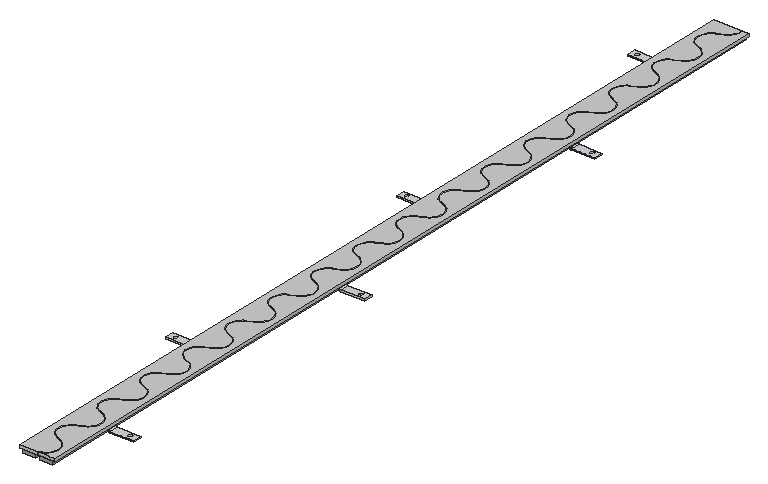
Revit family "Herkules ER20_Fugenprofile mit Sinuswelle Sanierungsfugenprofil", category Generic Models, Revit 2019
Family settings
  Can host rebar = No
  Round Connector Dimension = Use Diameter
  Part Type = Normal
  Work Plane-Based = Yes
  Always vertical = No
  Cut with Voids When Loaded = No
  Shared = No
  Room Calculation Point = No
Parameters (values of type "ER20_L2000")
  Type Image = Herkules ER20_Foto.jpg (2)
  Telefon = "+49 (0)8 21 / 455 969 0"
  Länge = 2000 mm
  Lieferzeit = "2 weeks"
  Höhe = 14 mm  # constant formula
  Default Elevation = 0 mm
  Description = "Joint profiles reconstruction and transition"
  Type Comments = "HerkulesER20_L2000"
  Keynote = "Herkules ER20"
  Manufacturer = "Guggemos GmbH"
  Model = "Heavy duty profile for reconstruction of industrial concrete floor slabs"
  Video = "https://www.youtube.com/watch?v=ErKFE-dGfs8&feature=emb_logo"
  URL = "https://www.fugenprofile.de/en/joint-profiles-for-reconstruction-and-transition/joint-profile-herkules-er20/"
  E-mail = "service@fugenprofile.de"
  Basismaterial Herkules = Stahl S355 JR
  Adresse = "Iglauer Str. 6 86316 Friedberg"
Types (4, lengths in mm): name | Länge | Type Comments
  (no name) | 2000 | "HerkulesER20_L2000"
  ER20_L2500 | 2500 | "HerkulesER20_L2500"
  ER20_L2000 | 2000 | "HerkulesER20_L2000"
  ER20_L1500 | 1500 | "HerkulesER20_L2000"
Reference planes
  plane 1 "Center (Front/Back)": y = -500
  plane 2: z = 0.5
  plane 3 "Center (Left/Right)": x = 0
  plane 4: y = 1500
  plane 5: y = 0
  plane 6: y = 1000
Dimensions and locks
  "Länge": plane 1 "Center (Front/Back)" to plane 4
  locked: plane 1 "Center (Front/Back)" to plane 5 at 500
  locked: plane 6 to plane 4 at 500
  locked: plane 2 to level at 0.5
  nested 1 to plane 3 "Center (Left/Right)" to nested 1 = 40.24 mm, 39.76 mm
  nested 1 to nested 1 = 80 mm
  plane 2 to nested 1 = 14 mm
Nested families
  nested 1: "Detail 2" at (3.56, -500, -176.717), type "Profilkopf"
    with Visibility_Anchors yes, Number of waves 17, Number of anchors_row 2 3, Number of anchors_row 1 3, Length 2000 mm, Dimension_Row2 1667 mm, Dimension_Row1 1333.5 mm
Definition of nested family "Detail 2"
  Parameters (values of type "Profilkopf")
    Visibility_Anchors [instance] = not(Length < 1190 mm)  # no
    Number of waves = Length / 123 mm + 1  # 10
    Number of anchors_row 2 = if((Dimension_Row2 + 333 mm) / 665 mm > 2, (Dimension_Row2 + 333 mm) / 665 mm, 2)  # 2
    Number of anchors_row 1 = if((Dimension_Row1 + 333 mm) / 665 mm > 2, (Dimension_Row1 + 333 mm) / 665 mm, 2)  # 2
    Length = 1100 mm
    Dimension_Row2 = Length - 333 mm  # 767 mm
    Dimension_Row1 = Length - 500 mm - 166.5 mm  # 433.5 mm
    Basismateriall Profilkopf = none
  Reference planes
    plane 1 "Center (Front/Back)": y = 0
    plane 2: z = 0
    plane 3 "Center (Left/Right)": x = 0
    plane 4: y = 1100
    plane 5 "Row 2": y = 166.5
    plane 6 "Row 1": y = 499.5
    plane 7: y = 832.5
    plane 8: y = 1165.375
  Forms (mm)
    Extrusion 1, solid, material <- "Basismateriall Profilkopf"
      sketch origin (0, 0, 0) x (1, 0, 0) y (0, 0, 1)
        loop
          line (-8.8, 163.217) -> (-8.8, 171.217) -> (-38.8, 171.217) -> (-38.8, 163.217) -> (-8.8, 163.217)
        loop
          line (1.2, 171.217) -> (1.2, 163.217) -> (31.2, 163.217) -> (31.2, 171.217) -> (1.2, 171.217)
      from 0 to -1100
    Extrusion 2, solid
      sketch origin (0, 0, 0) x (1, 0, 0) y (0, 0, 1)
        loop
          line (-43.8, 177.217) -> (-43.8, 171.217) -> (36.2, 171.217) -> (36.2, 177.217) -> (-43.8, 177.217)
      from -1100 to 0
    Extrusion 3, void
      sketch origin (117.929, 486.128, 20) x (0, 1, 0) y (-1, 0, 0)
        loop
          line (-487.01, 121.929) -> (-483.291, 113.908)
          arc (-483.291, 113.908) -> (-456.119, 96.529) -> (-428.896, 113.829) r 30
          line (-428.896, 113.829) -> (-421.791, 129.15)
          arc (-421.791, 129.15) -> (-394.563, 146.529) -> (-367.349, 129.129) r 30
          line (-367.349, 129.129) -> (-364.017, 121.929) -> (-363.135, 121.929) -> (-366.623, 129.465)
          arc (-366.623, 129.465) -> (-394.563, 147.329) -> (-422.517, 129.486) r 30.8
          line (-422.517, 129.486) -> (-429.621, 114.166)
          arc (-429.621, 114.166) -> (-456.118, 97.329) -> (-482.565, 114.245) r 29.2
          line (-482.565, 114.245) -> (-486.128, 121.929) -> (-487.01, 121.929)
      from 151.217 to 157.217
    Extrusion 4, void
      sketch origin (117.929, 609.122, 20) x (0, 1, 0) y (-1, 0, 0)
        loop
          line (-487.01, 121.929) -> (-483.291, 113.908)
          arc (-483.291, 113.908) -> (-456.119, 96.529) -> (-428.896, 113.829) r 30
          line (-428.896, 113.829) -> (-421.791, 129.15)
          arc (-421.791, 129.15) -> (-394.563, 146.529) -> (-367.349, 129.129) r 30
          line (-367.349, 129.129) -> (-364.017, 121.929) -> (-363.135, 121.929) -> (-366.623, 129.465)
          arc (-366.623, 129.465) -> (-394.563, 147.329) -> (-422.517, 129.486) r 30.8
          line (-422.517, 129.486) -> (-429.621, 114.166)
          arc (-429.621, 114.166) -> (-456.118, 97.329) -> (-482.565, 114.245) r 29.2
          line (-482.565, 114.245) -> (-486.128, 121.929) -> (-487.01, 121.929)
      from 151.217 to 157.217
    Extrusion 5, void
      sketch origin (117.929, 732.115, 20) x (0, 1, 0) y (-1, 0, 0)
        loop
          line (-487.01, 121.929) -> (-483.291, 113.908)
          arc (-483.291, 113.908) -> (-456.119, 96.529) -> (-428.896, 113.829) r 30
          line (-428.896, 113.829) -> (-421.791, 129.15)
          arc (-421.791, 129.15) -> (-394.563, 146.529) -> (-367.349, 129.129) r 30
          line (-367.349, 129.129) -> (-364.017, 121.929) -> (-363.135, 121.929) -> (-366.623, 129.465)
          arc (-366.623, 129.465) -> (-394.563, 147.329) -> (-422.517, 129.486) r 30.8
          line (-422.517, 129.486) -> (-429.621, 114.166)
          arc (-429.621, 114.166) -> (-456.118, 97.329) -> (-482.565, 114.245) r 29.2
          line (-482.565, 114.245) -> (-486.128, 121.929) -> (-487.01, 121.929)
      from 151.217 to 157.217
    Extrusion 6, void
      sketch origin (117.929, 855.109, 20) x (0, 1, 0) y (-1, 0, 0)
        loop
          line (-487.01, 121.929) -> (-483.291, 113.908)
          arc (-483.291, 113.908) -> (-456.119, 96.529) -> (-428.896, 113.829) r 30
          line (-428.896, 113.829) -> (-421.791, 129.15)
          arc (-421.791, 129.15) -> (-394.563, 146.529) -> (-367.349, 129.129) r 30
          line (-367.349, 129.129) -> (-364.017, 121.929) -> (-363.135, 121.929) -> (-366.623, 129.465)
          arc (-366.623, 129.465) -> (-394.563, 147.329) -> (-422.517, 129.486) r 30.8
          line (-422.517, 129.486) -> (-429.621, 114.166)
          arc (-429.621, 114.166) -> (-456.118, 97.329) -> (-482.565, 114.245) r 29.2
          line (-482.565, 114.245) -> (-486.128, 121.929) -> (-487.01, 121.929)
      from 151.217 to 157.217
    Extrusion 7, void
      sketch origin (117.929, 978.102, 20) x (0, 1, 0) y (-1, 0, 0)
        loop
          line (-487.01, 121.929) -> (-483.291, 113.908)
          arc (-483.291, 113.908) -> (-456.119, 96.529) -> (-428.896, 113.829) r 30
          line (-428.896, 113.829) -> (-421.791, 129.15)
          arc (-421.791, 129.15) -> (-394.563, 146.529) -> (-367.349, 129.129) r 30
          line (-367.349, 129.129) -> (-364.017, 121.929) -> (-363.135, 121.929) -> (-366.623, 129.465)
          arc (-366.623, 129.465) -> (-394.563, 147.329) -> (-422.517, 129.486) r 30.8
          line (-422.517, 129.486) -> (-429.621, 114.166)
          arc (-429.621, 114.166) -> (-456.118, 97.329) -> (-482.565, 114.245) r 29.2
          line (-482.565, 114.245) -> (-486.128, 121.929) -> (-487.01, 121.929)
      from 151.217 to 157.217
    Extrusion 8, void
      sketch origin (117.929, 1101.095, 20) x (0, 1, 0) y (-1, 0, 0)
        loop
          line (-487.01, 121.929) -> (-483.291, 113.908)
          arc (-483.291, 113.908) -> (-456.119, 96.529) -> (-428.896, 113.829) r 30
          line (-428.896, 113.829) -> (-421.791, 129.15)
          arc (-421.791, 129.15) -> (-394.563, 146.529) -> (-367.349, 129.129) r 30
          line (-367.349, 129.129) -> (-364.017, 121.929) -> (-363.135, 121.929) -> (-366.623, 129.465)
          arc (-366.623, 129.465) -> (-394.563, 147.329) -> (-422.517, 129.486) r 30.8
          line (-422.517, 129.486) -> (-429.621, 114.166)
          arc (-429.621, 114.166) -> (-456.118, 97.329) -> (-482.565, 114.245) r 29.2
          line (-482.565, 114.245) -> (-486.128, 121.929) -> (-487.01, 121.929)
      from 151.217 to 157.217
    Extrusion 9, void
      sketch origin (117.929, 1224.089, 20) x (0, 1, 0) y (-1, 0, 0)
        loop
          line (-487.01, 121.929) -> (-483.291, 113.908)
          arc (-483.291, 113.908) -> (-456.119, 96.529) -> (-428.896, 113.829) r 30
          line (-428.896, 113.829) -> (-421.791, 129.15)
          arc (-421.791, 129.15) -> (-394.563, 146.529) -> (-367.349, 129.129) r 30
          line (-367.349, 129.129) -> (-364.017, 121.929) -> (-363.135, 121.929) -> (-366.623, 129.465)
          arc (-366.623, 129.465) -> (-394.563, 147.329) -> (-422.517, 129.486) r 30.8
          line (-422.517, 129.486) -> (-429.621, 114.166)
          arc (-429.621, 114.166) -> (-456.118, 97.329) -> (-482.565, 114.245) r 29.2
          line (-482.565, 114.245) -> (-486.128, 121.929) -> (-487.01, 121.929)
      from 151.217 to 157.217
    Extrusion 10, void
      sketch origin (117.929, 1347.082, 20) x (0, 1, 0) y (-1, 0, 0)
        loop
          line (-487.01, 121.929) -> (-483.291, 113.908)
          arc (-483.291, 113.908) -> (-456.119, 96.529) -> (-428.896, 113.829) r 30
          line (-428.896, 113.829) -> (-421.791, 129.15)
          arc (-421.791, 129.15) -> (-394.563, 146.529) -> (-367.349, 129.129) r 30
          line (-367.349, 129.129) -> (-364.017, 121.929) -> (-363.135, 121.929) -> (-366.623, 129.465)
          arc (-366.623, 129.465) -> (-394.563, 147.329) -> (-422.517, 129.486) r 30.8
          line (-422.517, 129.486) -> (-429.621, 114.166)
          arc (-429.621, 114.166) -> (-456.118, 97.329) -> (-482.565, 114.245) r 29.2
          line (-482.565, 114.245) -> (-486.128, 121.929) -> (-487.01, 121.929)
      from 151.217 to 157.217
    Extrusion 11, void
      sketch origin (117.929, 1470.076, 20) x (0, 1, 0) y (-1, 0, 0)
        loop
          line (-487.01, 121.929) -> (-483.291, 113.908)
          arc (-483.291, 113.908) -> (-456.119, 96.529) -> (-428.896, 113.829) r 30
          line (-428.896, 113.829) -> (-421.791, 129.15)
          arc (-421.791, 129.15) -> (-394.563, 146.529) -> (-367.349, 129.129) r 30
          line (-367.349, 129.129) -> (-364.017, 121.929) -> (-363.135, 121.929) -> (-366.623, 129.465)
          arc (-366.623, 129.465) -> (-394.563, 147.329) -> (-422.517, 129.486) r 30.8
          line (-422.517, 129.486) -> (-429.621, 114.166)
          arc (-429.621, 114.166) -> (-456.118, 97.329) -> (-482.565, 114.245) r 29.2
          line (-482.565, 114.245) -> (-486.128, 121.929) -> (-487.01, 121.929)
      from 151.217 to 157.217
    Extrusion 12, void
      sketch origin (117.929, 1593.069, 20) x (0, 1, 0) y (-1, 0, 0)
        loop
          line (-487.01, 121.929) -> (-483.291, 113.908)
          arc (-483.291, 113.908) -> (-456.119, 96.529) -> (-428.896, 113.829) r 30
          line (-428.896, 113.829) -> (-421.791, 129.15)
          arc (-421.791, 129.15) -> (-394.563, 146.529) -> (-367.349, 129.129) r 30
          line (-367.349, 129.129) -> (-364.017, 121.929) -> (-363.135, 121.929) -> (-366.623, 129.465)
          arc (-366.623, 129.465) -> (-394.563, 147.329) -> (-422.517, 129.486) r 30.8
          line (-422.517, 129.486) -> (-429.621, 114.166)
          arc (-429.621, 114.166) -> (-456.118, 97.329) -> (-482.565, 114.245) r 29.2
          line (-482.565, 114.245) -> (-486.128, 121.929) -> (-487.01, 121.929)
      from 151.217 to 157.217
    Extrusion 13, solid, visible <- "Visibility_Anchors"
      sketch origin (0, 166.5, 0) x (1, 0, 0) y (0, 0, 1)
        loop
          line (35.2, 171.217) -> (32.2, 171.217) -> (32.2, 168.217)
          arc (32.2, 168.217) -> (33.957, 163.975) -> (38.2, 162.217) r 6
          line (38.2, 162.217) -> (92.2, 162.217) -> (92.2, 165.217) -> (38.2, 165.217)
          arc (38.2, 165.217) -> (36.079, 166.096) -> (35.2, 168.217) r 3
          line (35.2, 168.217) -> (35.2, 171.217)
      from -10 to 10
    Extrusion 14, solid, visible <- "Visibility_Anchors"
      sketch origin (0, 832.5, 0) x (1, 0, 0) y (0, 0, 1)
        loop
          line (35.2, 171.217) -> (32.2, 171.217) -> (32.2, 168.217)
          arc (32.2, 168.217) -> (33.957, 163.975) -> (38.2, 162.217) r 6
          line (38.2, 162.217) -> (92.2, 162.217) -> (92.2, 165.217) -> (38.2, 165.217)
          arc (38.2, 165.217) -> (36.079, 166.096) -> (35.2, 168.217) r 3
          line (35.2, 168.217) -> (35.2, 171.217)
      from -10 to 10
    Extrusion 15, solid, visible <- "Visibility_Anchors"
      sketch origin (0, 499.5, 0) x (1, 0, 0) y (0, 0, 1)
        loop
          line (-39.8, 171.217) -> (-42.8, 171.217) -> (-42.8, 168.217)
          arc (-42.8, 168.217) -> (-43.679, 166.096) -> (-45.8, 165.217) r 3
          line (-45.8, 165.217) -> (-99.8, 165.217) -> (-99.8, 162.217) -> (-45.8, 162.217)
          arc (-45.8, 162.217) -> (-41.557, 163.975) -> (-39.8, 168.217) r 6
          line (-39.8, 168.217) -> (-39.8, 171.217)
      from -10 to 10
    Extrusion 16, solid, visible <- "Visibility_Anchors"
      sketch origin (0, 1165.375, 0) x (1, 0, 0) y (0, 0, 1)
        loop
          line (-39.8, 171.217) -> (-42.8, 171.217) -> (-42.8, 168.217)
          arc (-42.8, 168.217) -> (-43.679, 166.096) -> (-45.8, 165.217) r 3
          line (-45.8, 165.217) -> (-99.8, 165.217) -> (-99.8, 162.217) -> (-45.8, 162.217)
          arc (-45.8, 162.217) -> (-41.557, 163.975) -> (-39.8, 168.217) r 6
          line (-39.8, 168.217) -> (-39.8, 171.217)
      from -10 to 10
    Extrusion 17, void
      sketch origin (38.2, 166.5, 165.217) x (0, 1, 0) y (1, 0, 0)
        loop
          circle (0, 39) r 4
      from 0 to 3
    Extrusion 18, void
      sketch origin (38.2, 832.5, 165.217) x (0, 1, 0) y (1, 0, 0)
        loop
          circle (0, 39) r 4
      from 0 to 3
    Extrusion 19, void
      sketch origin (38.2, 166.5, 165.217) x (0, 1, 0) y (1, 0, 0)
        loop
          circle (333, -123) r 4
      from 0 to 3
    Extrusion 20, void
      sketch origin (38.2, 832.375, 165.217) x (0, 1, 0) y (1, 0, 0)
        loop
          circle (333, -123) r 4
      from 0 to 3
  Cuts and joins
    Extrusion 3, Extrusion 4, Extrusion 5, Extrusion 6, Extrusion 7, Extrusion 8, Extrusion 9, Extrusion 10, Extrusion 11, Extrusion 12 cuts Extrusion 2
    Extrusion 5, Extrusion 8, Extrusion 9, Extrusion 10, Extrusion 11, Extrusion 12 cuts Extrusion 1
    Extrusion 17 cuts Extrusion 13
    Extrusion 18 cuts Extrusion 14
    Extrusion 19 cuts Extrusion 15
    Extrusion 20 cuts Extrusion 16
  Dimensions and locks
    "Length": plane 1 "Center (Front/Back)" to plane 4
    group 1 to group 2 = 0 mm  (x2)
    group 1 to group 2 = 666 mm
    group 3 to group 4 = 0 mm  (x2)
    group 3 to group 4 = 665.875 mm
    locked: plane 1 "Center (Front/Back)" to plane 6 "Row 1" at 499.5
    locked: plane 1 "Center (Front/Back)" to plane 5 "Row 2" at 166.5
    equal spacing: plane 5 "Row 2", plane 6 "Row 1", plane 7, plane 8
    equal spacing: group 5, group 6, group 7, group 8, group 9, group 10, group 11, group 12, group 13, group 14  (x3)
    cut or joined group 1 (Extrusion 2, Extrusion 3, Extrusion 4, Extrusion 5, Extrusion 6, Extrusion 7, Extrusion 8, Extrusion 9, Extrusion 10, Extrusion 11, Extrusion 12) to plane 3 "Center (Left/Right)" to cut or joined group 1 = 36.2 mm, 43.8 mm
    aligned and locked: level to plane 2
    aligned and locked: Extrusion 1 to plane 4
    aligned and locked: Extrusion 2 to Extrusion 1  (x2)
    aligned and locked: Extrusion 2 to Extrusion 3  (x2)
  Automatic sketch dimensions
    Extrusion 2 sketch curve to plane 3 "Center (Left/Right)" = 43.8 mm
    plane 3 "Center (Left/Right)" to Extrusion 2 sketch curve = 36.2 mm
    Extrusion 2 sketch curve to Extrusion 2 sketch curve = 6 mm
    Extrusion 3 sketch curve to Extrusion 3 sketch curve = 0 mm  (x8)
    Extrusion 3 sketch curve to Extrusion 3 sketch curve = 3.719 mm
    Extrusion 3 sketch curve to Extrusion 3 sketch curve = 0.726 mm  (x3)
    Extrusion 3 sketch curve to Extrusion 3 sketch curve = 26.454 mm
    Extrusion 3 sketch curve to Extrusion 3 sketch curve = 0.725 mm
    Extrusion 3 sketch curve to Extrusion 3 sketch curve = 7.104 mm
    Extrusion 3 sketch curve to Extrusion 3 sketch curve = 27.216 mm
    Extrusion 3 sketch curve to Extrusion 3 sketch curve = 27.226 mm
    Extrusion 3 sketch curve to Extrusion 3 sketch curve = 3.332 mm
    Extrusion 3 sketch curve to Extrusion 3 sketch curve = 0.882 mm  (x2)
    Extrusion 3 sketch curve to Extrusion 3 sketch curve = 0.079 mm
    Extrusion 3 sketch curve to Extrusion 3 sketch curve = 0.338 mm
    Extrusion 3 sketch curve to Extrusion 3 sketch curve = 2.7 mm
    Extrusion 3 sketch curve to Extrusion 3 sketch curve = 5.4 mm
    Extrusion 3 sketch curve to Extrusion 3 sketch curve = 7.2 mm
    Extrusion 3 sketch curve to Extrusion 3 sketch curve = 0.336 mm
    Extrusion 3 sketch curve to Extrusion 3 sketch curve = 26.49 mm
    Extrusion 3 sketch curve to Extrusion 3 sketch curve = 7.684 mm
    Extrusion 4 sketch curve to Extrusion 4 sketch curve = 0 mm  (x8)
    Extrusion 4 sketch curve to Extrusion 4 sketch curve = 3.719 mm
    Extrusion 4 sketch curve to Extrusion 4 sketch curve = 0.726 mm  (x3)
    Extrusion 4 sketch curve to Extrusion 4 sketch curve = 26.454 mm
    Extrusion 4 sketch curve to Extrusion 4 sketch curve = 0.725 mm
    Extrusion 4 sketch curve to Extrusion 4 sketch curve = 7.104 mm
    Extrusion 4 sketch curve to Extrusion 4 sketch curve = 27.216 mm
    Extrusion 4 sketch curve to Extrusion 4 sketch curve = 27.226 mm
    Extrusion 4 sketch curve to Extrusion 4 sketch curve = 3.332 mm
    Extrusion 4 sketch curve to Extrusion 4 sketch curve = 0.882 mm  (x2)
    Extrusion 4 sketch curve to Extrusion 4 sketch curve = 0.079 mm
    Extrusion 4 sketch curve to Extrusion 4 sketch curve = 0.338 mm
    Extrusion 4 sketch curve to Extrusion 4 sketch curve = 2.7 mm
    Extrusion 4 sketch curve to Extrusion 4 sketch curve = 5.4 mm
    Extrusion 4 sketch curve to Extrusion 4 sketch curve = 7.2 mm
    Extrusion 4 sketch curve to Extrusion 4 sketch curve = 0.336 mm
    Extrusion 4 sketch curve to Extrusion 4 sketch curve = 26.49 mm
    Extrusion 4 sketch curve to Extrusion 4 sketch curve = 7.684 mm
    Extrusion 5 sketch curve to Extrusion 5 sketch curve = 0 mm  (x8)
    Extrusion 5 sketch curve to Extrusion 5 sketch curve = 3.719 mm
    Extrusion 5 sketch curve to Extrusion 5 sketch curve = 0.726 mm  (x3)
    Extrusion 5 sketch curve to Extrusion 5 sketch curve = 26.454 mm
    Extrusion 5 sketch curve to Extrusion 5 sketch curve = 0.725 mm
    Extrusion 5 sketch curve to Extrusion 5 sketch curve = 7.104 mm
    Extrusion 5 sketch curve to Extrusion 5 sketch curve = 27.216 mm
    Extrusion 5 sketch curve to Extrusion 5 sketch curve = 27.226 mm
    Extrusion 5 sketch curve to Extrusion 5 sketch curve = 3.332 mm
    Extrusion 5 sketch curve to Extrusion 5 sketch curve = 0.882 mm  (x2)
    Extrusion 5 sketch curve to Extrusion 5 sketch curve = 0.079 mm
    Extrusion 5 sketch curve to Extrusion 5 sketch curve = 0.338 mm
    Extrusion 5 sketch curve to Extrusion 5 sketch curve = 2.7 mm
    Extrusion 5 sketch curve to Extrusion 5 sketch curve = 5.4 mm
    Extrusion 5 sketch curve to Extrusion 5 sketch curve = 7.2 mm
    Extrusion 5 sketch curve to Extrusion 5 sketch curve = 0.336 mm
    Extrusion 5 sketch curve to Extrusion 5 sketch curve = 26.49 mm
    Extrusion 5 sketch curve to Extrusion 5 sketch curve = 7.684 mm
    Extrusion 6 sketch curve to Extrusion 6 sketch curve = 0 mm  (x8)
    Extrusion 6 sketch curve to Extrusion 6 sketch curve = 3.719 mm
    Extrusion 6 sketch curve to Extrusion 6 sketch curve = 0.726 mm  (x3)
    Extrusion 6 sketch curve to Extrusion 6 sketch curve = 26.454 mm
    Extrusion 6 sketch curve to Extrusion 6 sketch curve = 0.725 mm
    Extrusion 6 sketch curve to Extrusion 6 sketch curve = 7.104 mm
    Extrusion 6 sketch curve to Extrusion 6 sketch curve = 27.216 mm
    Extrusion 6 sketch curve to Extrusion 6 sketch curve = 27.226 mm
    Extrusion 6 sketch curve to Extrusion 6 sketch curve = 3.332 mm
    Extrusion 6 sketch curve to Extrusion 6 sketch curve = 0.882 mm  (x2)
    Extrusion 6 sketch curve to Extrusion 6 sketch curve = 0.079 mm
    Extrusion 6 sketch curve to Extrusion 6 sketch curve = 0.338 mm
    Extrusion 6 sketch curve to Extrusion 6 sketch curve = 2.7 mm
    Extrusion 6 sketch curve to Extrusion 6 sketch curve = 5.4 mm
    Extrusion 6 sketch curve to Extrusion 6 sketch curve = 7.2 mm
    Extrusion 6 sketch curve to Extrusion 6 sketch curve = 0.336 mm
    Extrusion 6 sketch curve to Extrusion 6 sketch curve = 26.49 mm
    Extrusion 6 sketch curve to Extrusion 6 sketch curve = 7.684 mm
    Extrusion 7 sketch curve to Extrusion 7 sketch curve = 0 mm  (x8)
    Extrusion 7 sketch curve to Extrusion 7 sketch curve = 3.719 mm
    Extrusion 7 sketch curve to Extrusion 7 sketch curve = 0.726 mm  (x3)
    Extrusion 7 sketch curve to Extrusion 7 sketch curve = 26.454 mm
    Extrusion 7 sketch curve to Extrusion 7 sketch curve = 0.725 mm
    Extrusion 7 sketch curve to Extrusion 7 sketch curve = 7.104 mm
    Extrusion 7 sketch curve to Extrusion 7 sketch curve = 27.216 mm
    Extrusion 7 sketch curve to Extrusion 7 sketch curve = 27.226 mm
    Extrusion 7 sketch curve to Extrusion 7 sketch curve = 3.332 mm
    Extrusion 7 sketch curve to Extrusion 7 sketch curve = 0.882 mm  (x2)
    Extrusion 7 sketch curve to Extrusion 7 sketch curve = 0.079 mm
    Extrusion 7 sketch curve to Extrusion 7 sketch curve = 0.338 mm
    Extrusion 7 sketch curve to Extrusion 7 sketch curve = 2.7 mm
    Extrusion 7 sketch curve to Extrusion 7 sketch curve = 5.4 mm
    Extrusion 7 sketch curve to Extrusion 7 sketch curve = 7.2 mm
    Extrusion 7 sketch curve to Extrusion 7 sketch curve = 0.336 mm
    Extrusion 7 sketch curve to Extrusion 7 sketch curve = 26.49 mm
    Extrusion 7 sketch curve to Extrusion 7 sketch curve = 7.684 mm
    Extrusion 8 sketch curve to Extrusion 8 sketch curve = 0 mm  (x8)
    Extrusion 8 sketch curve to Extrusion 8 sketch curve = 3.719 mm
    Extrusion 8 sketch curve to Extrusion 8 sketch curve = 0.726 mm  (x3)
    Extrusion 8 sketch curve to Extrusion 8 sketch curve = 26.454 mm
    Extrusion 8 sketch curve to Extrusion 8 sketch curve = 0.725 mm
    Extrusion 8 sketch curve to Extrusion 8 sketch curve = 7.104 mm
    Extrusion 8 sketch curve to Extrusion 8 sketch curve = 27.216 mm
    Extrusion 8 sketch curve to Extrusion 8 sketch curve = 27.226 mm
    Extrusion 8 sketch curve to Extrusion 8 sketch curve = 3.332 mm
    Extrusion 8 sketch curve to Extrusion 8 sketch curve = 0.882 mm  (x2)
    Extrusion 8 sketch curve to Extrusion 8 sketch curve = 0.079 mm
    Extrusion 8 sketch curve to Extrusion 8 sketch curve = 0.338 mm
    Extrusion 8 sketch curve to Extrusion 8 sketch curve = 2.7 mm
    Extrusion 8 sketch curve to Extrusion 8 sketch curve = 5.4 mm
    Extrusion 8 sketch curve to Extrusion 8 sketch curve = 7.2 mm
    Extrusion 8 sketch curve to Extrusion 8 sketch curve = 0.336 mm
    Extrusion 8 sketch curve to Extrusion 8 sketch curve = 26.49 mm
    Extrusion 8 sketch curve to Extrusion 8 sketch curve = 7.684 mm
    Extrusion 9 sketch curve to Extrusion 9 sketch curve = 0 mm  (x8)
    Extrusion 9 sketch curve to Extrusion 9 sketch curve = 3.719 mm
    Extrusion 9 sketch curve to Extrusion 9 sketch curve = 0.726 mm  (x3)
    Extrusion 9 sketch curve to Extrusion 9 sketch curve = 26.454 mm
    Extrusion 9 sketch curve to Extrusion 9 sketch curve = 0.725 mm
    Extrusion 9 sketch curve to Extrusion 9 sketch curve = 7.104 mm
    Extrusion 9 sketch curve to Extrusion 9 sketch curve = 27.216 mm
    Extrusion 9 sketch curve to Extrusion 9 sketch curve = 27.226 mm
    Extrusion 9 sketch curve to Extrusion 9 sketch curve = 3.332 mm
    Extrusion 9 sketch curve to Extrusion 9 sketch curve = 0.882 mm  (x2)
    Extrusion 9 sketch curve to Extrusion 9 sketch curve = 0.079 mm
    Extrusion 9 sketch curve to Extrusion 9 sketch curve = 0.338 mm
    Extrusion 9 sketch curve to Extrusion 9 sketch curve = 2.7 mm
    Extrusion 9 sketch curve to Extrusion 9 sketch curve = 5.4 mm
    Extrusion 9 sketch curve to Extrusion 9 sketch curve = 7.2 mm
    Extrusion 9 sketch curve to Extrusion 9 sketch curve = 0.336 mm
    Extrusion 9 sketch curve to Extrusion 9 sketch curve = 26.49 mm
    Extrusion 9 sketch curve to Extrusion 9 sketch curve = 7.684 mm
    Extrusion 10 sketch curve to Extrusion 10 sketch curve = 0 mm  (x8)
    Extrusion 10 sketch curve to Extrusion 10 sketch curve = 3.719 mm
    Extrusion 10 sketch curve to Extrusion 10 sketch curve = 0.726 mm  (x3)
    Extrusion 10 sketch curve to Extrusion 10 sketch curve = 26.454 mm
    Extrusion 10 sketch curve to Extrusion 10 sketch curve = 0.725 mm
    Extrusion 10 sketch curve to Extrusion 10 sketch curve = 7.104 mm
    Extrusion 10 sketch curve to Extrusion 10 sketch curve = 27.216 mm
    Extrusion 10 sketch curve to Extrusion 10 sketch curve = 27.226 mm
    Extrusion 10 sketch curve to Extrusion 10 sketch curve = 3.332 mm
    Extrusion 10 sketch curve to Extrusion 10 sketch curve = 0.882 mm  (x2)
    Extrusion 10 sketch curve to Extrusion 10 sketch curve = 0.079 mm
    Extrusion 10 sketch curve to Extrusion 10 sketch curve = 0.338 mm
    Extrusion 10 sketch curve to Extrusion 10 sketch curve = 2.7 mm
    Extrusion 10 sketch curve to Extrusion 10 sketch curve = 5.4 mm
    Extrusion 10 sketch curve to Extrusion 10 sketch curve = 7.2 mm
    Extrusion 10 sketch curve to Extrusion 10 sketch curve = 0.336 mm
    Extrusion 10 sketch curve to Extrusion 10 sketch curve = 26.49 mm
    Extrusion 10 sketch curve to Extrusion 10 sketch curve = 7.684 mm
    Extrusion 11 sketch curve to Extrusion 11 sketch curve = 0 mm  (x8)
    Extrusion 11 sketch curve to Extrusion 11 sketch curve = 3.719 mm
    Extrusion 11 sketch curve to Extrusion 11 sketch curve = 0.726 mm  (x3)
    Extrusion 11 sketch curve to Extrusion 11 sketch curve = 26.454 mm
    Extrusion 11 sketch curve to Extrusion 11 sketch curve = 0.725 mm
    Extrusion 11 sketch curve to Extrusion 11 sketch curve = 7.104 mm
    Extrusion 11 sketch curve to Extrusion 11 sketch curve = 27.216 mm
    Extrusion 11 sketch curve to Extrusion 11 sketch curve = 27.226 mm
    Extrusion 11 sketch curve to Extrusion 11 sketch curve = 3.332 mm
    Extrusion 11 sketch curve to Extrusion 11 sketch curve = 0.882 mm  (x2)
    Extrusion 11 sketch curve to Extrusion 11 sketch curve = 0.079 mm
    Extrusion 11 sketch curve to Extrusion 11 sketch curve = 0.338 mm
    Extrusion 11 sketch curve to Extrusion 11 sketch curve = 2.7 mm
    Extrusion 11 sketch curve to Extrusion 11 sketch curve = 5.4 mm
    Extrusion 11 sketch curve to Extrusion 11 sketch curve = 7.2 mm
    Extrusion 11 sketch curve to Extrusion 11 sketch curve = 0.336 mm
    Extrusion 11 sketch curve to Extrusion 11 sketch curve = 26.49 mm
    Extrusion 11 sketch curve to Extrusion 11 sketch curve = 7.684 mm
    Extrusion 12 sketch curve to Extrusion 12 sketch curve = 0 mm  (x8)
    Extrusion 12 sketch curve to Extrusion 12 sketch curve = 3.719 mm
    Extrusion 12 sketch curve to Extrusion 12 sketch curve = 0.726 mm  (x3)
    Extrusion 12 sketch curve to Extrusion 12 sketch curve = 26.454 mm
    Extrusion 12 sketch curve to Extrusion 12 sketch curve = 0.725 mm
    Extrusion 12 sketch curve to Extrusion 12 sketch curve = 7.104 mm
    Extrusion 12 sketch curve to Extrusion 12 sketch curve = 27.216 mm
    Extrusion 12 sketch curve to Extrusion 12 sketch curve = 27.226 mm
    Extrusion 12 sketch curve to Extrusion 12 sketch curve = 3.332 mm
    Extrusion 12 sketch curve to Extrusion 12 sketch curve = 0.882 mm  (x2)
    Extrusion 12 sketch curve to Extrusion 12 sketch curve = 0.079 mm
    Extrusion 12 sketch curve to Extrusion 12 sketch curve = 0.338 mm
    Extrusion 12 sketch curve to Extrusion 12 sketch curve = 2.7 mm
    Extrusion 12 sketch curve to Extrusion 12 sketch curve = 5.4 mm
    Extrusion 12 sketch curve to Extrusion 12 sketch curve = 7.2 mm
    Extrusion 12 sketch curve to Extrusion 12 sketch curve = 0.336 mm
    Extrusion 12 sketch curve to Extrusion 12 sketch curve = 26.49 mm
    Extrusion 12 sketch curve to Extrusion 12 sketch curve = 7.684 mm
    Extrusion 1 sketch curve to plane 3 "Center (Left/Right)" = 38.8 mm
    Extrusion 1 sketch curve to plane 3 "Center (Left/Right)" = 8.8 mm
    Extrusion 1 sketch curve to Extrusion 1 sketch curve = 8 mm  (x2)
    plane 3 "Center (Left/Right)" to Extrusion 1 sketch curve = 1.2 mm
    Extrusion 1 sketch curve to Extrusion 1 sketch curve = 30 mm
    Extrusion 1 sketch curve to Extrusion 1 sketch curve = 0 mm
    Extrusion 15 sketch curve to Extrusion 15 sketch curve = 0 mm  (x4)
    Extrusion 15 sketch curve to Extrusion 15 sketch curve = 3 mm  (x3)
    Extrusion 16 sketch curve to Extrusion 16 sketch curve = 0 mm  (x4)
    Extrusion 16 sketch curve to Extrusion 16 sketch curve = 3 mm  (x3)
    Extrusion 13 sketch curve to Extrusion 13 sketch curve = 0 mm  (x4)
    Extrusion 13 sketch curve to Extrusion 13 sketch curve = 3 mm  (x3)
    Extrusion 14 sketch curve to Extrusion 14 sketch curve = 0 mm  (x4)
    Extrusion 14 sketch curve to Extrusion 14 sketch curve = 3 mm  (x3)
    level to Extrusion 1 sketch curve = 163.217 mm
    level to Extrusion 2 sketch curve = 171.217 mm
    Extrusion 15 sketch curve to Extrusion 15 sketch curve = 54 mm
    plane 6 "Row 1" to Extrusion 19 sketch curve = 0 mm  (x2)
    Extrusion 16 sketch curve to Extrusion 16 sketch curve = 54 mm
    plane 8 to Extrusion 20 sketch curve = 0 mm  (x2)
    Extrusion 13 sketch curve to Extrusion 13 sketch curve = 54 mm
    Extrusion 13 to Extrusion 17 sketch curve = 10 mm  (x2)
    Extrusion 13 to Extrusion 17 sketch curve = 15 mm  (x2)
    Extrusion 14 sketch curve to Extrusion 14 sketch curve = 54 mm
    Extrusion 14 to Extrusion 18 sketch curve = 10 mm  (x2)
    Extrusion 14 to Extrusion 18 sketch curve = 15 mm  (x2)
    radius of Extrusion 19 sketch curve = 4 mm  (x2)
    radius of Extrusion 20 sketch curve = 4 mm  (x2)
    radius of Extrusion 17 sketch curve = 4 mm  (x2)
    radius of Extrusion 18 sketch curve = 4 mm  (x2)
